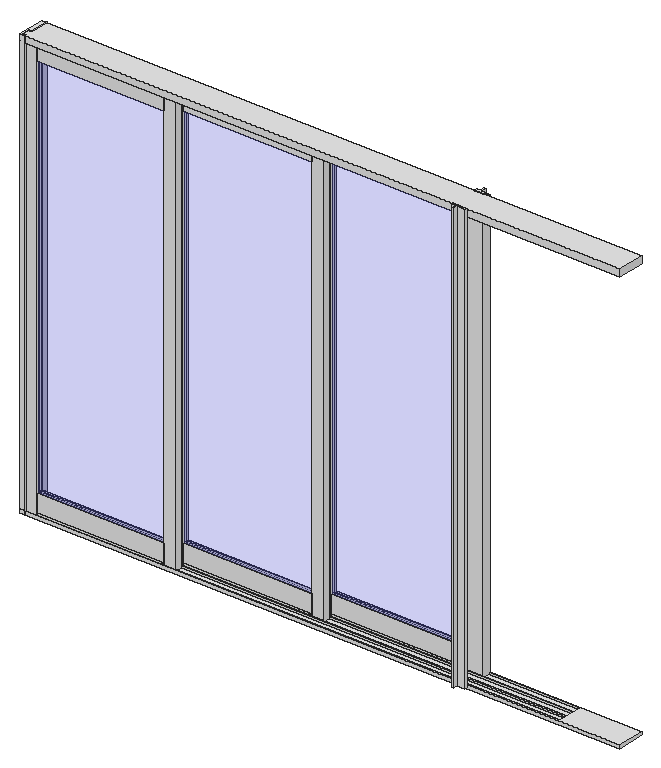
Revit family "Door-Sliding-All_Weather-Series_8100-Pocket", category Doors, host Wall, Revit 2026 (continued)
Definition of nested family "Detail-All_Weather-Series_8100_Footer"
  Lines and regions (in)
    Masking region 4, in view "Ref. Level", visible <- "2 Track", detail levels fine
      outline origin (-0.0092, 0, 0) x (1, 0, 0) y (0, 1, 0)
        loop
          arc (-0.27813, 1.8474) -> (-0.26458, 1.86953) -> (-0.23871, 1.86753) r 0.02485
          line (-0.23871, 1.86753) -> (-0.1987, 1.82752) -> (-0.1424, 1.82752)
          arc (-0.1424, 1.82752) -> (-0.12061, 1.83655) -> (-0.11159, 1.85833) r 0.03081
          line (-0.11159, 1.85833) -> (-0.11159, 2.04022)
          arc (-0.11159, 2.04022) -> (-0.12061, 2.062) -> (-0.1424, 2.07103) r 0.03081
          line (-0.1424, 2.07103) -> (-0.1987, 2.07103) -> (-0.23871, 2.03102)
          arc (-0.23871, 2.03102) -> (-0.26458, 2.02902) -> (-0.27813, 2.05115) r 0.02485
          line (-0.27813, 2.05115) -> (-0.27813, 2.12834) -> (-0.52675, 2.12834)
    Masking region 5, in view "Ref. Level", visible <- "2 Track", detail levels fine
      outline origin (-0.0092, 0, 0) x (1, 0, 0) y (0, 1, 0)
        loop
          line (-0.22135, 2.2299) -> (-0.22135, 2.40314) -> (-0.29872, 2.53225) -> (-0.29872, 2.57578)
          arc (-0.29872, 2.57578) -> (-0.40308, 2.68014) -> (-0.50744, 2.57578) r 0.10436
          line (-0.50744, 2.57578) -> (-0.50744, 2.53225) -> (-0.58472, 2.40314) -> (-0.58472, 2.2299) -> (-0.62137, 2.2299) -> (-0.62137, 2.1592)
          arc (-0.62137, 2.1592) -> (-0.58814, 2.12596) -> (-0.5549, 2.1592) r 0.03323
          line (-0.5549, 2.1592) -> (-0.5549, 2.39229) -> (-0.47763, 2.5214) -> (-0.47763, 2.57578)
          arc (-0.47763, 2.57578) -> (-0.40308, 2.65032) -> (-0.32854, 2.57578) r 0.07454
          line (-0.32854, 2.57578) -> (-0.32854, 2.5214) -> (-0.25127, 2.39229) -> (-0.25127, 2.1592)
          arc (-0.25127, 2.1592) -> (-0.21803, 2.12596) -> (-0.1848, 2.1592) r 0.03323
          line (-0.1848, 2.1592) -> (-0.1848, 2.2299) -> (-0.22135, 2.2299)
    Masking region 6, in view "Ref. Level", visible <- "2 Track", detail levels medium+fine
      outline origin (2.06606, 0, 0) x (1, 0, 0) y (0, 1, 0)
        loop
          line (-0.80264, 2.4338) -> (-0.80264, 2.21514) -> (-0.85234, 2.21514) -> (-0.85234, 2.26245) -> (-0.89209, 2.26245) -> (-0.89209, 2.16942) -> (-0.87419, 2.14386) -> (-0.87419, 2.078)
          arc (-0.87419, 2.078) -> (-0.92298, 2.0687) -> (-0.96494, 2.04212) r 0.13269
          arc (-0.96494, 2.04212) -> (-0.9663, 1.99997) -> (-0.92415, 1.99861) r 0.02982
          arc (-0.92415, 1.99861) -> (-0.8013, 1.94041) -> (-0.93084, 1.89919) r 0.07305
          line (-0.93084, 1.89919) -> (-1.42083, 1.93387) -> (-1.42083, 2.15352) -> (-1.32145, 2.15352) -> (-1.32145, 2.26245) -> (-1.36115, 2.26245) -> (-1.36115, 2.21514) -> (-1.41085, 2.21514) -> (-1.41085, 2.4338) -> (-1.36115, 2.4338) -> (-1.36115, 2.38649) -> (-1.32145, 2.38649) -> (-1.32145, 2.49542) -> (-1.48047, 2.49542) -> (-1.48047, 2.09588) -> (-1.51292, 2.09588) -> (-1.52812, 2.14557) -> (-1.55998, 2.14557) -> (-1.55998, 2.0673)
          arc (-1.55998, 2.0673) -> (-1.55088, 2.04534) -> (-1.52892, 2.03624) r 0.03106
          line (-1.52892, 2.03624) -> (-1.48047, 2.03624) -> (-1.48047, 1.78106) -> (-1.43135, 1.78106) -> (-1.43135, 1.87424) -> (-1.37114, 1.87424) -> (-1.37114, 1.75) -> (-1.29163, 1.75) -> (-1.29163, 1.85498) -> (-0.94735, 1.83061) -> (-0.87419, 1.75) -> (-0.60646, 1.75) -> (-0.60646, 1.85004)
          arc (-0.60646, 1.85004) -> (-0.61686, 1.87036) -> (-0.63943, 1.87378) r 0.02503
          line (-0.63943, 1.87378) -> (-0.68569, 1.82752) -> (-0.74199, 1.82752)
          arc (-0.74199, 1.82752) -> (-0.76378, 1.83655) -> (-0.7728, 1.85833) r 0.03081
          line (-0.7728, 1.85833) -> (-0.7728, 2.04022)
          arc (-0.7728, 2.04022) -> (-0.76378, 2.062) -> (-0.74199, 2.07103) r 0.03081
          line (-0.74199, 2.07103) -> (-0.68569, 2.07103) -> (-0.64568, 2.03102)
          arc (-0.64568, 2.03102) -> (-0.61981, 2.02902) -> (-0.60627, 2.05115) r 0.02485
          line (-0.60627, 2.05115) -> (-0.60627, 2.18197) -> (-0.64593, 2.12532) -> (-0.69871, 2.12532) -> (-0.72313, 2.14973) -> (-0.72313, 2.37497) -> (-0.67417, 2.34069) -> (-0.67417, 2.39707) -> (-0.72311, 2.49542) -> (-0.89209, 2.49542) -> (-0.89209, 2.38649) -> (-0.85234, 2.38649) -> (-0.85234, 2.4338) -> (-0.80264, 2.4338)
        loop
          line (-0.16126, 2.4338) -> (-0.11157, 2.4338) -> (-0.11157, 2.38649) -> (-0.07181, 2.38649) -> (-0.07181, 2.49542) -> (-0.2408, 2.49542) -> (-0.28973, 2.39707) -> (-0.28973, 2.34069) -> (-0.24077, 2.37497) -> (-0.24077, 2.14973) -> (-0.26519, 2.12532) -> (-0.31797, 2.12532) -> (-0.35764, 2.18197) -> (-0.35764, 2.05115)
          arc (-0.35764, 2.05115) -> (-0.34409, 2.02902) -> (-0.31823, 2.03102) r 0.02485
          line (-0.31823, 2.03102) -> (-0.27822, 2.07103) -> (-0.22191, 2.07103)
          arc (-0.22191, 2.07103) -> (-0.20013, 2.062) -> (-0.1911, 2.04022) r 0.03081
          line (-0.1911, 2.04022) -> (-0.1911, 1.85833)
          arc (-0.1911, 1.85833) -> (-0.20013, 1.83655) -> (-0.22191, 1.82752) r 0.03081
          line (-0.22191, 1.82752) -> (-0.27822, 1.82752) -> (-0.32447, 1.87378)
          arc (-0.32447, 1.87378) -> (-0.34704, 1.87036) -> (-0.35745, 1.85004) r 0.02503
          line (-0.35745, 1.85004) -> (-0.35745, 1.75) -> (-0.08971, 1.75) -> (-0.01645, 1.83073) -> (0.33638, 1.86225) -> (0.33638, 1.75) -> (0.41589, 1.75) -> (0.41589, 1.87424) -> (0.46745, 1.87424) -> (0.46745, 1.78106) -> (0.51656, 1.78106) -> (0.51656, 1.93387) -> (0.41589, 1.93387) -> (0.41589, 2.15534) -> (0.47199, 2.15534) -> (0.48422, 2.10564) -> (0.51528, 2.10564) -> (0.51528, 2.49542) -> (0.35754, 2.49542) -> (0.35754, 2.38649) -> (0.39725, 2.38649) -> (0.39725, 2.4338) -> (0.44694, 2.4338) -> (0.44694, 2.21514) -> (0.39725, 2.21514) -> (0.39725, 2.26245) -> (0.35754, 2.26245) -> (0.35754, 1.93399) -> (-0.03315, 1.89908)
          arc (-0.03315, 1.89908) -> (-0.1626, 1.94048) -> (-0.03975, 1.99861) r 0.07305
          arc (-0.03975, 1.99861) -> (0.00239, 1.99997) -> (0.00103, 2.04212) r 0.02982
          arc (0.00103, 2.04212) -> (-0.04092, 2.0687) -> (-0.08971, 2.078) r 0.13269
          line (-0.08971, 2.078) -> (-0.08971, 2.14386) -> (-0.07181, 2.16942) -> (-0.07181, 2.26245) -> (-0.11157, 2.26245) -> (-0.11157, 2.21514) -> (-0.16126, 2.21514) -> (-0.16126, 2.4338)
    Masking region 7, in view "Ref. Level", visible <- "2 Track", detail levels fine
      outline origin (2.06749, 0, 0) x (1, 0, 0) y (0, 1, 0)
        loop
          line (-1.36155, 2.36305) -> (-1.36155, 2.4338) -> (-1.41125, 2.4338) -> (-1.41125, 2.21514) -> (-1.36155, 2.21514) -> (-1.36155, 2.28404) -> (-1.22601, 2.27665) -> (-1.22601, 2.3706) -> (-1.36155, 2.36305)
        loop
          line (0.39458, 2.36305) -> (0.25904, 2.3706) -> (0.25904, 2.27665) -> (0.39458, 2.28404) -> (0.39458, 2.21514) -> (0.44427, 2.21514) -> (0.44427, 2.4338) -> (0.39458, 2.4338) -> (0.39458, 2.36305)
    Masking region 8, in view "Ref. Level", visible <- "2 Track", detail levels fine
      outline origin (2.06606, 0, 0) x (1, 0, 0) y (0, 1, 0)
        loop
          line (-0.60627, 2.12834) -> (-0.60627, 2.05115)
          arc (-0.60627, 2.05115) -> (-0.61981, 2.02902) -> (-0.64568, 2.03102) r 0.02485
          line (-0.64568, 2.03102) -> (-0.68569, 2.07103) -> (-0.74199, 2.07103)
          arc (-0.74199, 2.07103) -> (-0.76378, 2.062) -> (-0.7728, 2.04022) r 0.03081
          line (-0.7728, 2.04022) -> (-0.7728, 1.85833)
          arc (-0.7728, 1.85833) -> (-0.76378, 1.83655) -> (-0.74199, 1.82752) r 0.03081
          line (-0.74199, 1.82752) -> (-0.68569, 1.82752) -> (-0.64568, 1.86753)
          arc (-0.64568, 1.86753) -> (-0.61981, 1.86953) -> (-0.60627, 1.8474) r 0.02485
          line (-0.60627, 1.8474) -> (-0.60627, 1.81581) -> (-0.35764, 1.81581) -> (-0.35764, 1.8474)
          arc (-0.35764, 1.8474) -> (-0.34409, 1.86953) -> (-0.31823, 1.86753) r 0.02485
          line (-0.31823, 1.86753) -> (-0.27822, 1.82752) -> (-0.22191, 1.82752)
          arc (-0.22191, 1.82752) -> (-0.20013, 1.83655) -> (-0.1911, 1.85833) r 0.03081
          line (-0.1911, 1.85833) -> (-0.1911, 2.04022)
          arc (-0.1911, 2.04022) -> (-0.20013, 2.062) -> (-0.22191, 2.07103) r 0.03081
          line (-0.22191, 2.07103) -> (-0.27822, 2.07103) -> (-0.31823, 2.03102)
          arc (-0.31823, 2.03102) -> (-0.34409, 2.02902) -> (-0.35764, 2.05115) r 0.02485
          line (-0.35764, 2.05115) -> (-0.35764, 2.12834) -> (-0.60627, 2.12834)
    Masking region 9, in view "Ref. Level", visible <- "2 Track", detail levels fine
      outline origin (2.06606, 0, 0) x (1, 0, 0) y (0, 1, 0)
        loop
          line (-0.30086, 2.2299) -> (-0.30086, 2.40314) -> (-0.37824, 2.53225) -> (-0.37824, 2.57578)
          arc (-0.37824, 2.57578) -> (-0.4826, 2.68014) -> (-0.58695, 2.57578) r 0.10436
          line (-0.58695, 2.57578) -> (-0.58695, 2.53225) -> (-0.66423, 2.40314) -> (-0.66423, 2.2299) -> (-0.70088, 2.2299) -> (-0.70088, 2.1592)
          arc (-0.70088, 2.1592) -> (-0.66765, 2.12596) -> (-0.63441, 2.1592) r 0.03323
          line (-0.63441, 2.1592) -> (-0.63441, 2.39229) -> (-0.55714, 2.5214) -> (-0.55714, 2.57578)
          arc (-0.55714, 2.57578) -> (-0.4826, 2.65032) -> (-0.40805, 2.57578) r 0.07454
          line (-0.40805, 2.57578) -> (-0.40805, 2.5214) -> (-0.33078, 2.39229) -> (-0.33078, 2.1592)
          arc (-0.33078, 2.1592) -> (-0.29754, 2.12596) -> (-0.26431, 2.1592) r 0.03323
          line (-0.26431, 2.1592) -> (-0.26431, 2.2299) -> (-0.30086, 2.2299)
    Masking region 10, in view "Ref. Level", visible <- "3 Track", detail levels medium+fine
      outline origin (4.06606, 0, 0) x (1, 0, 0) y (0, 1, 0)
        loop
          line (-0.80264, 2.4338) -> (-0.80264, 2.21514) -> (-0.85234, 2.21514) -> (-0.85234, 2.26245) -> (-0.89209, 2.26245) -> (-0.89209, 2.16942) -> (-0.87419, 2.14386) -> (-0.87419, 2.078)
          arc (-0.87419, 2.078) -> (-0.92298, 2.0687) -> (-0.96494, 2.04212) r 0.13269
          arc (-0.96494, 2.04212) -> (-0.9663, 1.99997) -> (-0.92415, 1.99861) r 0.02982
          arc (-0.92415, 1.99861) -> (-0.8013, 1.94041) -> (-0.93084, 1.89919) r 0.07305
          line (-0.93084, 1.89919) -> (-1.42083, 1.93387) -> (-1.42083, 2.15352) -> (-1.32145, 2.15352) -> (-1.32145, 2.26245) -> (-1.36115, 2.26245) -> (-1.36115, 2.21514) -> (-1.41085, 2.21514) -> (-1.41085, 2.4338) -> (-1.36115, 2.4338) -> (-1.36115, 2.38649) -> (-1.32145, 2.38649) -> (-1.32145, 2.49542) -> (-1.48047, 2.49542) -> (-1.48047, 2.09588) -> (-1.51292, 2.09588) -> (-1.52812, 2.14557) -> (-1.55998, 2.14557) -> (-1.55998, 2.0673)
          arc (-1.55998, 2.0673) -> (-1.55088, 2.04534) -> (-1.52892, 2.03624) r 0.03106
          line (-1.52892, 2.03624) -> (-1.48047, 2.03624) -> (-1.48047, 1.78106) -> (-1.43135, 1.78106) -> (-1.43135, 1.87424) -> (-1.37114, 1.87424) -> (-1.37114, 1.75) -> (-1.29163, 1.75) -> (-1.29163, 1.85498) -> (-0.94735, 1.83061) -> (-0.87419, 1.75) -> (-0.60646, 1.75) -> (-0.60646, 1.85004)
          arc (-0.60646, 1.85004) -> (-0.61686, 1.87036) -> (-0.63943, 1.87378) r 0.02503
          line (-0.63943, 1.87378) -> (-0.68569, 1.82752) -> (-0.74199, 1.82752)
          arc (-0.74199, 1.82752) -> (-0.76378, 1.83655) -> (-0.7728, 1.85833) r 0.03081
          line (-0.7728, 1.85833) -> (-0.7728, 2.04022)
          arc (-0.7728, 2.04022) -> (-0.76378, 2.062) -> (-0.74199, 2.07103) r 0.03081
          line (-0.74199, 2.07103) -> (-0.68569, 2.07103) -> (-0.64568, 2.03102)
          arc (-0.64568, 2.03102) -> (-0.61981, 2.02902) -> (-0.60627, 2.05115) r 0.02485
          line (-0.60627, 2.05115) -> (-0.60627, 2.18197) -> (-0.64593, 2.12532) -> (-0.69871, 2.12532) -> (-0.72313, 2.14973) -> (-0.72313, 2.37497) -> (-0.67417, 2.34069) -> (-0.67417, 2.39707) -> (-0.72311, 2.49542) -> (-0.89209, 2.49542) -> (-0.89209, 2.38649) -> (-0.85234, 2.38649) -> (-0.85234, 2.4338) -> (-0.80264, 2.4338)
        loop
          line (-0.16126, 2.4338) -> (-0.11157, 2.4338) -> (-0.11157, 2.38649) -> (-0.07181, 2.38649) -> (-0.07181, 2.49542) -> (-0.2408, 2.49542) -> (-0.28973, 2.39707) -> (-0.28973, 2.34069) -> (-0.24077, 2.37497) -> (-0.24077, 2.14973) -> (-0.26519, 2.12532) -> (-0.31797, 2.12532) -> (-0.35764, 2.18197) -> (-0.35764, 2.05115)
          arc (-0.35764, 2.05115) -> (-0.34409, 2.02902) -> (-0.31823, 2.03102) r 0.02485
          line (-0.31823, 2.03102) -> (-0.27822, 2.07103) -> (-0.22191, 2.07103)
          arc (-0.22191, 2.07103) -> (-0.20013, 2.062) -> (-0.1911, 2.04022) r 0.03081
          line (-0.1911, 2.04022) -> (-0.1911, 1.85833)
          arc (-0.1911, 1.85833) -> (-0.20013, 1.83655) -> (-0.22191, 1.82752) r 0.03081
          line (-0.22191, 1.82752) -> (-0.27822, 1.82752) -> (-0.32447, 1.87378)
          arc (-0.32447, 1.87378) -> (-0.34704, 1.87036) -> (-0.35745, 1.85004) r 0.02503
          line (-0.35745, 1.85004) -> (-0.35745, 1.75) -> (-0.08971, 1.75) -> (-0.01645, 1.83073) -> (0.33638, 1.86225) -> (0.33638, 1.75) -> (0.41589, 1.75) -> (0.41589, 1.87424) -> (0.46745, 1.87424) -> (0.46745, 1.78106) -> (0.51656, 1.78106) -> (0.51656, 1.93387) -> (0.41589, 1.93387) -> (0.41589, 2.15534) -> (0.47199, 2.15534) -> (0.48422, 2.10564) -> (0.51528, 2.10564) -> (0.51528, 2.49542) -> (0.35754, 2.49542) -> (0.35754, 2.38649) -> (0.39725, 2.38649) -> (0.39725, 2.4338) -> (0.44694, 2.4338) -> (0.44694, 2.21514) -> (0.39725, 2.21514) -> (0.39725, 2.26245) -> (0.35754, 2.26245) -> (0.35754, 1.93399) -> (-0.03315, 1.89908)
          arc (-0.03315, 1.89908) -> (-0.1626, 1.94048) -> (-0.03975, 1.99861) r 0.07305
          arc (-0.03975, 1.99861) -> (0.00239, 1.99997) -> (0.00103, 2.04212) r 0.02982
          arc (0.00103, 2.04212) -> (-0.04092, 2.0687) -> (-0.08971, 2.078) r 0.13269
          line (-0.08971, 2.078) -> (-0.08971, 2.14386) -> (-0.07181, 2.16942) -> (-0.07181, 2.26245) -> (-0.11157, 2.26245) -> (-0.11157, 2.21514) -> (-0.16126, 2.21514) -> (-0.16126, 2.4338)
    Masking region 11, in view "Ref. Level", visible <- "3 Track", detail levels fine
      outline origin (4.06749, 0, 0) x (1, 0, 0) y (0, 1, 0)
        loop
          line (-1.36155, 2.36305) -> (-1.36155, 2.4338) -> (-1.41125, 2.4338) -> (-1.41125, 2.21514) -> (-1.36155, 2.21514) -> (-1.36155, 2.28404) -> (-1.22601, 2.27665) -> (-1.22601, 2.3706) -> (-1.36155, 2.36305)
        loop
          line (0.39458, 2.36305) -> (0.25904, 2.3706) -> (0.25904, 2.27665) -> (0.39458, 2.28404) -> (0.39458, 2.21514) -> (0.44427, 2.21514) -> (0.44427, 2.4338) -> (0.39458, 2.4338) -> (0.39458, 2.36305)
    Masking region 12, in view "Ref. Level", visible <- "3 Track", detail levels fine
      outline origin (4.06606, 0, 0) x (1, 0, 0) y (0, 1, 0)
        loop
          line (-0.60627, 2.12834) -> (-0.60627, 2.05115)
          arc (-0.60627, 2.05115) -> (-0.61981, 2.02902) -> (-0.64568, 2.03102) r 0.02485
          line (-0.64568, 2.03102) -> (-0.68569, 2.07103) -> (-0.74199, 2.07103)
          arc (-0.74199, 2.07103) -> (-0.76378, 2.062) -> (-0.7728, 2.04022) r 0.03081
          line (-0.7728, 2.04022) -> (-0.7728, 1.85833)
          arc (-0.7728, 1.85833) -> (-0.76378, 1.83655) -> (-0.74199, 1.82752) r 0.03081
          line (-0.74199, 1.82752) -> (-0.68569, 1.82752) -> (-0.64568, 1.86753)
          arc (-0.64568, 1.86753) -> (-0.61981, 1.86953) -> (-0.60627, 1.8474) r 0.02485
          line (-0.60627, 1.8474) -> (-0.60627, 1.81581) -> (-0.35764, 1.81581) -> (-0.35764, 1.8474)
          arc (-0.35764, 1.8474) -> (-0.34409, 1.86953) -> (-0.31823, 1.86753) r 0.02485
          line (-0.31823, 1.86753) -> (-0.27822, 1.82752) -> (-0.22191, 1.82752)
          arc (-0.22191, 1.82752) -> (-0.20013, 1.83655) -> (-0.1911, 1.85833) r 0.03081
          line (-0.1911, 1.85833) -> (-0.1911, 2.04022)
          arc (-0.1911, 2.04022) -> (-0.20013, 2.062) -> (-0.22191, 2.07103) r 0.03081
          line (-0.22191, 2.07103) -> (-0.27822, 2.07103) -> (-0.31823, 2.03102)
          arc (-0.31823, 2.03102) -> (-0.34409, 2.02902) -> (-0.35764, 2.05115) r 0.02485
          line (-0.35764, 2.05115) -> (-0.35764, 2.12834) -> (-0.60627, 2.12834)
    Masking region 13, in view "Ref. Level", visible <- "3 Track", detail levels fine
      outline origin (4.06606, 0, 0) x (1, 0, 0) y (0, 1, 0)
        loop
          line (-0.30086, 2.2299) -> (-0.30086, 2.40314) -> (-0.37824, 2.53225) -> (-0.37824, 2.57578)
          arc (-0.37824, 2.57578) -> (-0.4826, 2.68014) -> (-0.58695, 2.57578) r 0.10436
          line (-0.58695, 2.57578) -> (-0.58695, 2.53225) -> (-0.66423, 2.40314) -> (-0.66423, 2.2299) -> (-0.70088, 2.2299) -> (-0.70088, 2.1592)
          arc (-0.70088, 2.1592) -> (-0.66765, 2.12596) -> (-0.63441, 2.1592) r 0.03323
          line (-0.63441, 2.1592) -> (-0.63441, 2.39229) -> (-0.55714, 2.5214) -> (-0.55714, 2.57578)
          arc (-0.55714, 2.57578) -> (-0.4826, 2.65032) -> (-0.40805, 2.57578) r 0.07454
          line (-0.40805, 2.57578) -> (-0.40805, 2.5214) -> (-0.33078, 2.39229) -> (-0.33078, 2.1592)
          arc (-0.33078, 2.1592) -> (-0.29754, 2.12596) -> (-0.26431, 2.1592) r 0.03323
          line (-0.26431, 2.1592) -> (-0.26431, 2.2299) -> (-0.30086, 2.2299)
    Masking region 14, in view "Ref. Level", visible <- "4 Track", detail levels medium+fine
      outline origin (6.06606, 0, 0) x (1, 0, 0) y (0, 1, 0)
        loop
          line (-0.80264, 2.4338) -> (-0.80264, 2.21514) -> (-0.85234, 2.21514) -> (-0.85234, 2.26245) -> (-0.89209, 2.26245) -> (-0.89209, 2.16942) -> (-0.87419, 2.14386) -> (-0.87419, 2.078)
          arc (-0.87419, 2.078) -> (-0.92298, 2.0687) -> (-0.96494, 2.04212) r 0.13269
          arc (-0.96494, 2.04212) -> (-0.9663, 1.99997) -> (-0.92415, 1.99861) r 0.02982
          arc (-0.92415, 1.99861) -> (-0.8013, 1.94041) -> (-0.93084, 1.89919) r 0.07305
          line (-0.93084, 1.89919) -> (-1.42083, 1.93387) -> (-1.42083, 2.15352) -> (-1.32145, 2.15352) -> (-1.32145, 2.26245) -> (-1.36115, 2.26245) -> (-1.36115, 2.21514) -> (-1.41085, 2.21514) -> (-1.41085, 2.4338) -> (-1.36115, 2.4338) -> (-1.36115, 2.38649) -> (-1.32145, 2.38649) -> (-1.32145, 2.49542) -> (-1.48047, 2.49542) -> (-1.48047, 2.09588) -> (-1.51292, 2.09588) -> (-1.52812, 2.14557) -> (-1.55998, 2.14557) -> (-1.55998, 2.0673)
          arc (-1.55998, 2.0673) -> (-1.55088, 2.04534) -> (-1.52892, 2.03624) r 0.03106
          line (-1.52892, 2.03624) -> (-1.48047, 2.03624) -> (-1.48047, 1.78106) -> (-1.43135, 1.78106) -> (-1.43135, 1.87424) -> (-1.37114, 1.87424) -> (-1.37114, 1.75) -> (-1.29163, 1.75) -> (-1.29163, 1.85498) -> (-0.94735, 1.83061) -> (-0.87419, 1.75) -> (-0.60646, 1.75) -> (-0.60646, 1.85004)
          arc (-0.60646, 1.85004) -> (-0.61686, 1.87036) -> (-0.63943, 1.87378) r 0.02503
          line (-0.63943, 1.87378) -> (-0.68569, 1.82752) -> (-0.74199, 1.82752)
          arc (-0.74199, 1.82752) -> (-0.76378, 1.83655) -> (-0.7728, 1.85833) r 0.03081
          line (-0.7728, 1.85833) -> (-0.7728, 2.04022)
          arc (-0.7728, 2.04022) -> (-0.76378, 2.062) -> (-0.74199, 2.07103) r 0.03081
          line (-0.74199, 2.07103) -> (-0.68569, 2.07103) -> (-0.64568, 2.03102)
          arc (-0.64568, 2.03102) -> (-0.61981, 2.02902) -> (-0.60627, 2.05115) r 0.02485
          line (-0.60627, 2.05115) -> (-0.60627, 2.18197) -> (-0.64593, 2.12532) -> (-0.69871, 2.12532) -> (-0.72313, 2.14973) -> (-0.72313, 2.37497) -> (-0.67417, 2.34069) -> (-0.67417, 2.39707) -> (-0.72311, 2.49542) -> (-0.89209, 2.49542) -> (-0.89209, 2.38649) -> (-0.85234, 2.38649) -> (-0.85234, 2.4338) -> (-0.80264, 2.4338)
        loop
          line (-0.16126, 2.4338) -> (-0.11157, 2.4338) -> (-0.11157, 2.38649) -> (-0.07181, 2.38649) -> (-0.07181, 2.49542) -> (-0.2408, 2.49542) -> (-0.28973, 2.39707) -> (-0.28973, 2.34069) -> (-0.24077, 2.37497) -> (-0.24077, 2.14973) -> (-0.26519, 2.12532) -> (-0.31797, 2.12532) -> (-0.35764, 2.18197) -> (-0.35764, 2.05115)
          arc (-0.35764, 2.05115) -> (-0.34409, 2.02902) -> (-0.31823, 2.03102) r 0.02485
          line (-0.31823, 2.03102) -> (-0.27822, 2.07103) -> (-0.22191, 2.07103)
          arc (-0.22191, 2.07103) -> (-0.20013, 2.062) -> (-0.1911, 2.04022) r 0.03081
          line (-0.1911, 2.04022) -> (-0.1911, 1.85833)
          arc (-0.1911, 1.85833) -> (-0.20013, 1.83655) -> (-0.22191, 1.82752) r 0.03081
          line (-0.22191, 1.82752) -> (-0.27822, 1.82752) -> (-0.32447, 1.87378)
          arc (-0.32447, 1.87378) -> (-0.34704, 1.87036) -> (-0.35745, 1.85004) r 0.02503
          line (-0.35745, 1.85004) -> (-0.35745, 1.75) -> (-0.08971, 1.75) -> (-0.01645, 1.83073) -> (0.33638, 1.86225) -> (0.33638, 1.75) -> (0.41589, 1.75) -> (0.41589, 1.87424) -> (0.46745, 1.87424) -> (0.46745, 1.78106) -> (0.51656, 1.78106) -> (0.51656, 1.93387) -> (0.41589, 1.93387) -> (0.41589, 2.15534) -> (0.47199, 2.15534) -> (0.48422, 2.10564) -> (0.51528, 2.10564) -> (0.51528, 2.49542) -> (0.35754, 2.49542) -> (0.35754, 2.38649) -> (0.39725, 2.38649) -> (0.39725, 2.4338) -> (0.44694, 2.4338) -> (0.44694, 2.21514) -> (0.39725, 2.21514) -> (0.39725, 2.26245) -> (0.35754, 2.26245) -> (0.35754, 1.93399) -> (-0.03315, 1.89908)
          arc (-0.03315, 1.89908) -> (-0.1626, 1.94048) -> (-0.03975, 1.99861) r 0.07305
          arc (-0.03975, 1.99861) -> (0.00239, 1.99997) -> (0.00103, 2.04212) r 0.02982
          arc (0.00103, 2.04212) -> (-0.04092, 2.0687) -> (-0.08971, 2.078) r 0.13269
          line (-0.08971, 2.078) -> (-0.08971, 2.14386) -> (-0.07181, 2.16942) -> (-0.07181, 2.26245) -> (-0.11157, 2.26245) -> (-0.11157, 2.21514) -> (-0.16126, 2.21514) -> (-0.16126, 2.4338)
    Masking region 15, in view "Ref. Level", visible <- "4 Track", detail levels fine
      outline origin (6.06749, 0, 0) x (1, 0, 0) y (0, 1, 0)
        loop
          line (-1.36155, 2.36305) -> (-1.36155, 2.4338) -> (-1.41125, 2.4338) -> (-1.41125, 2.21514) -> (-1.36155, 2.21514) -> (-1.36155, 2.28404) -> (-1.22601, 2.27665) -> (-1.22601, 2.3706) -> (-1.36155, 2.36305)
        loop
          line (0.39458, 2.36305) -> (0.25904, 2.3706) -> (0.25904, 2.27665) -> (0.39458, 2.28404) -> (0.39458, 2.21514) -> (0.44427, 2.21514) -> (0.44427, 2.4338) -> (0.39458, 2.4338) -> (0.39458, 2.36305)
    Masking region 16, in view "Ref. Level", visible <- "4 Track", detail levels fine
      outline origin (6.06606, 0, 0) x (1, 0, 0) y (0, 1, 0)
        loop
          line (-0.60627, 2.12834) -> (-0.60627, 2.05115)
          arc (-0.60627, 2.05115) -> (-0.61981, 2.02902) -> (-0.64568, 2.03102) r 0.02485
          line (-0.64568, 2.03102) -> (-0.68569, 2.07103) -> (-0.74199, 2.07103)
          arc (-0.74199, 2.07103) -> (-0.76378, 2.062) -> (-0.7728, 2.04022) r 0.03081
          line (-0.7728, 2.04022) -> (-0.7728, 1.85833)
          arc (-0.7728, 1.85833) -> (-0.76378, 1.83655) -> (-0.74199, 1.82752) r 0.03081
          line (-0.74199, 1.82752) -> (-0.68569, 1.82752) -> (-0.64568, 1.86753)
          arc (-0.64568, 1.86753) -> (-0.61981, 1.86953) -> (-0.60627, 1.8474) r 0.02485
          line (-0.60627, 1.8474) -> (-0.60627, 1.81581) -> (-0.35764, 1.81581) -> (-0.35764, 1.8474)
          arc (-0.35764, 1.8474) -> (-0.34409, 1.86953) -> (-0.31823, 1.86753) r 0.02485
          line (-0.31823, 1.86753) -> (-0.27822, 1.82752) -> (-0.22191, 1.82752)
          arc (-0.22191, 1.82752) -> (-0.20013, 1.83655) -> (-0.1911, 1.85833) r 0.03081
          line (-0.1911, 1.85833) -> (-0.1911, 2.04022)
          arc (-0.1911, 2.04022) -> (-0.20013, 2.062) -> (-0.22191, 2.07103) r 0.03081
          line (-0.22191, 2.07103) -> (-0.27822, 2.07103) -> (-0.31823, 2.03102)
          arc (-0.31823, 2.03102) -> (-0.34409, 2.02902) -> (-0.35764, 2.05115) r 0.02485
          line (-0.35764, 2.05115) -> (-0.35764, 2.12834) -> (-0.60627, 2.12834)
    Masking region 17, in view "Ref. Level", visible <- "4 Track", detail levels fine
      outline origin (6.06606, 0, 0) x (1, 0, 0) y (0, 1, 0)
        loop
          line (-0.30086, 2.2299) -> (-0.30086, 2.40314) -> (-0.37824, 2.53225) -> (-0.37824, 2.57578)
          arc (-0.37824, 2.57578) -> (-0.4826, 2.68014) -> (-0.58695, 2.57578) r 0.10436
          line (-0.58695, 2.57578) -> (-0.58695, 2.53225) -> (-0.66423, 2.40314) -> (-0.66423, 2.2299) -> (-0.70088, 2.2299) -> (-0.70088, 2.1592)
          arc (-0.70088, 2.1592) -> (-0.66765, 2.12596) -> (-0.63441, 2.1592) r 0.03323
          line (-0.63441, 2.1592) -> (-0.63441, 2.39229) -> (-0.55714, 2.5214) -> (-0.55714, 2.57578)
          arc (-0.55714, 2.57578) -> (-0.4826, 2.65032) -> (-0.40805, 2.57578) r 0.07454
          line (-0.40805, 2.57578) -> (-0.40805, 2.5214) -> (-0.33078, 2.39229) -> (-0.33078, 2.1592)
          arc (-0.33078, 2.1592) -> (-0.29754, 2.12596) -> (-0.26431, 2.1592) r 0.03323
          line (-0.26431, 2.1592) -> (-0.26431, 2.2299) -> (-0.30086, 2.2299)
  Dimensions and locks (in)
    "Height": plane 3 "Top" to plane 1 "Center (Front/Back)"
    "Thickness": plane 4 "Front" to plane 5
    plane 4 "Front" to Masking region 3 sketch curve to Masking region 3 sketch curve to Masking region 3 sketch curve to Masking region 3 sketch curve to Masking region 3 sketch curve to Masking region 3 sketch curve to Masking region 3 sketch curve to Masking region 3 sketch curve = 0' - 0.07847" locked, 0' - 0.04969" locked, 0' - 0" locked, 0' - 0.13554" locked, 0' - 1.48505" locked, 0' - 0.13554" locked, 0' - 0" locked, 0' - 0.04969" locked
    plane 3 "Top" to Masking region 3 sketch curve to Masking region 3 sketch curve to Masking region 3 sketch curve to Masking region 3 sketch curve to Masking region 3 sketch curve to Masking region 3 sketch curve to Masking region 3 sketch curve to Masking region 3 sketch curve to Masking region 3 sketch curve to Masking region 3 sketch curve to Masking region 3 sketch curve to Masking region 3 sketch curve = 0' - 0.0662" locked, 0' - 0" locked, 0' - 0.06321" locked, 0' - 0" locked, 0' - 0.00755" locked, 0' - 0" locked, 0' - 0.07901" locked, 0' - 0" locked, 0' - 0.00739" locked, 0' - 0" locked, 0' - 0.06151" locked, 0' - 0" locked
    locked: plane 6 to plane 5 at 1
    Masking region 1 sketch curve to Masking region 1 sketch curve to Masking region 1 sketch curve to plane 4 "Front" to Masking region 1 sketch curve to Masking region 1 sketch curve to Masking region 1 sketch curve to Masking region 1 sketch curve to Masking region 1 sketch curve to Masking region 1 sketch curve to Masking region 1 sketch curve to Masking region 1 sketch curve to Masking region 1 sketch curve to Masking region 1 sketch curve to Masking region 1 sketch curve to Masking region 1 sketch curve to Masking region 1 sketch curve to Masking region 1 sketch curve to Masking region 1 sketch curve to Masking region 1 sketch curve to Masking region 1 sketch curve to Masking region 1 sketch curve to Masking region 1 sketch curve to Masking region 1 sketch curve to Masking region 1 sketch curve to Masking region 1 sketch curve to Masking region 1 sketch curve to Masking region 1 sketch curve to Masking region 1 sketch curve to Masking region 1 sketch curve to Masking region 1 sketch curve to Masking region 1 sketch curve to Masking region 1 sketch curve to Masking region 1 sketch curve to Masking region 1 sketch curve to Masking region 1 sketch curve to Masking region 1 sketch curve to Masking region 1 sketch curve to Masking region 1 sketch curve to Masking region 1 sketch curve to Masking region 1 sketch curve to Masking region 1 sketch curve to Masking region 1 sketch curve to Masking region 1 sketch curve to Masking region 1 sketch curve to Masking region 1 sketch curve to Masking region 1 sketch curve to Masking region 1 sketch curve to Masking region 1 sketch curve to Masking region 1 sketch curve to Masking region 1 sketch curve to Masking region 1 sketch curve to Masking region 1 sketch curve to Masking region 1 sketch curve to Masking region 1 sketch curve to Masking region 1 sketch curve to Masking region 1 sketch curve to Masking region 1 sketch curve to Masking region 1 sketch curve to Masking region 1 sketch curve to Masking region 1 sketch curve to Masking region 1 sketch curve to Masking region 1 sketch curve to Masking region 1 sketch curve to Masking region 1 sketch curve to Masking region 1 sketch curve to Masking region 1 sketch curve to Masking region 1 sketch curve to Masking region 1 sketch curve to Masking region 1 sketch curve to Masking region 1 sketch curve to Masking region 1 sketch curve to Masking region 1 sketch curve to Masking region 1 sketch curve to Masking region 1 sketch curve to Masking region 1 sketch curve to Masking region 1 sketch curve to Masking region 1 sketch curve = 0' - 0.03106" locked, 0' - 0.016" locked, 0' - 0.02464", 0' - 0 1/128", 0' - 0" locked, 0' - 0.04912", 0' - 0.01052" locked, 0' - 0.00999" locked, 0' - 0.03971" locked, 0' - 0.00999" locked, 0' - 0" locked, 0' - 0.03971" locked, 0' - 0" locked, 0' - 0.02982" locked, 0' - 0.31727" locked, 0' - 0.02701" locked, 0' - 0.01651" locked, 0' - 0.03874" locked, 0' - 0" locked, 0' - 0.0179" locked, 0' - 0" locked, 0' - 0.02185" locked, 0' - 0" locked, 0' - 0.04969" locked, 0' - 0.0015" locked, 0' - 0.02834" locked, 0' - 0.03081" locked, 0' - 0" locked, 0' - 0.01886" locked, 0' - 0.00002" locked, 0' - 0.02439" locked, 0' - 0.01303" locked, 0' - 0" locked, 0' - 0.01152" locked, 0' - 0.02823" locked, 0' - 0.00026" locked, 0' - 0.00625" locked, 0' - 0.03297" locked, 0' - 0.00019" locked, 0' - 0.24863" locked, 0' - 0.00019" locked, 0' - 0.03297" locked, 0' - 0.00625" locked, 0' - 0.00026" locked, 0' - 0.02823" locked, 0' - 0.01152" locked, 0' - 0" locked, 0' - 0.01303" locked, 0' - 0.02439" locked, 0' - 0.00002" locked, 0' - 0.01886" locked, 0' - 0" locked, 0' - 0.03081" locked, 0' - 0.02834" locked, 0' - 0.0015" locked, 0' - 0.04969" locked, 0' - 0" locked, 0' - 0.02185" locked, 0' - 0" locked, 0' - 0.0179" locked, 0' - 0" locked, 0' - 0.03206" locked, 0' - 0.02331" locked, 0' - 0.01748" locked, 0' - 0.33534" locked, 0' - 0.02116" locked, 0' - 0" locked, 0' - 0.03971" locked, 0' - 0" locked, 0' - 0.01864" locked, 0' - 0" locked, 0' - 0.03106" locked, 0' - 0.0205" locked, 0' - 0.00454" locked, 0' - 0.01223" locked, 0' - 0.03106" locked, 0' - 0.00129" locked
    plane 1 "Center (Front/Back)" to Masking region 1 sketch curve to Masking region 1 sketch curve to Masking region 1 sketch curve to Masking region 1 sketch curve to Masking region 1 sketch curve to Masking region 1 sketch curve to Masking region 1 sketch curve to Masking region 1 sketch curve to Masking region 1 sketch curve to Masking region 1 sketch curve to Masking region 1 sketch curve to Masking region 1 sketch curve to Masking region 1 sketch curve to Masking region 1 sketch curve to Masking region 1 sketch curve to Masking region 1 sketch curve to Masking region 1 sketch curve to Masking region 1 sketch curve to Masking region 1 sketch curve to Masking region 1 sketch curve to Masking region 1 sketch curve to Masking region 1 sketch curve to Masking region 1 sketch curve to Masking region 1 sketch curve to Masking region 1 sketch curve to Masking region 1 sketch curve to Masking region 1 sketch curve to Masking region 1 sketch curve to Masking region 1 sketch curve to Masking region 1 sketch curve to Masking region 1 sketch curve to Masking region 1 sketch curve to Masking region 1 sketch curve to Masking region 1 sketch curve to Masking region 1 sketch curve to Masking region 1 sketch curve to Masking region 1 sketch curve to Masking region 1 sketch curve to Masking region 1 sketch curve to Masking region 1 sketch curve to Masking region 1 sketch curve to Masking region 1 sketch curve to Masking region 1 sketch curve to Masking region 1 sketch curve to Masking region 1 sketch curve to Masking region 1 sketch curve to Masking region 1 sketch curve to Masking region 1 sketch curve to Masking region 1 sketch curve to Masking region 1 sketch curve to Masking region 1 sketch curve to Masking region 1 sketch curve to Masking region 1 sketch curve to Masking region 1 sketch curve to Masking region 1 sketch curve to Masking region 1 sketch curve to Masking region 1 sketch curve to Masking region 1 sketch curve to Masking region 1 sketch curve to Masking region 1 sketch curve to Masking region 1 sketch curve to Masking region 1 sketch curve to Masking region 1 sketch curve to Masking region 1 sketch curve to Masking region 1 sketch curve to Masking region 1 sketch curve to Masking region 1 sketch curve to Masking region 1 sketch curve to Masking region 1 sketch curve to Masking region 1 sketch curve to Masking region 1 sketch curve to Masking region 1 sketch curve to Masking region 1 sketch curve to Masking region 1 sketch curve to Masking region 1 sketch curve to Masking region 1 sketch curve to Masking region 1 sketch curve to Masking region 1 sketch curve to Masking region 1 sketch curve to Masking region 1 sketch curve to Masking region 1 sketch curve to Masking region 1 sketch curve to Masking region 1 sketch curve = 0' - 0" locked, 0' - 0" locked, 0' - 0" locked, 0' - 0" locked, 0' - 0.03106" locked, 0' - 0" locked, 0' - 0.04646" locked, 0' - 0" locked, 0' - 0.00309" locked, 0' - 0.00012" locked, 0' - 0.01931" locked, 0' - 0" locked, 0' - 0.00494" locked, 0' - 0.00336" locked, 0' - 0" locked, 0' - 0 1/256" locked, 0' - 0.01154" locked, 0' - 0" locked, 0' - 0.00046" locked, 0' - 0" locked, 0' - 0.02485" locked, 0' - 0.0001" locked, 0' - 0.03468" locked, 0' - 0" locked, 0' - 0.00011" locked, 0' - 0.06462" locked, 0' - 0" locked, 0' - 0.03241" locked, 0' - 0" locked, 0' - 0.00522" locked, 0' - 0.00398" locked, 0' - 0" locked, 0' - 0.0019" locked, 0' - 0" locked, 0' - 0.00903" locked, 0' - 0" locked, 0' - 0.01615" locked, 0' - 0.00373" locked, 0' - 0" locked, 0' - 0" locked, 0' - 0.00697" locked, 0' - 0" locked, 0' - 0.01788" locked, 0' - 0.00977" locked, 0' - 0.01967" locked, 0' - 0" locked, 0' - 0.01854" locked, 0' - 0" locked, 0' - 0.00171" locked, 0' - 0.00416" locked, 0' - 0" locked, 0' - 0.00379" locked, 0' - 0.00181" locked, 0' - 0.01409" locked, 0' - 0" locked, 0' - 0.01254" locked, 0' - 0" locked, 0' - 0.03318" locked, 0' - 0" locked, 0' - 0" locked, 0' - 0" locked, 0' - 0.04731" locked, 0' - 0" locked, 0' - 0" locked, 0' - 0" locked, 0' - 0.07824" locked, 0' - 0" locked, 0' - 0.03428" locked, 0' - 0" locked, 0' - 0.01152" locked, 0' - 0" locked, 0' - 0" locked, 0' - 0" locked, 0' - 0.01058" locked, 0' - 0" locked, 0' - 0.03673" locked, 0' - 0" locked, 0' - 0" locked, 0' - 0" locked, 0' - 0.06162" locked, 0' - 0" locked, 0' - 0" locked, 0' - 0" locked
    plane 4 "Front" to Masking region 5 sketch curve to Masking region 5 sketch curve to Masking region 5 sketch curve to Masking region 5 sketch curve to Masking region 5 sketch curve to Masking region 5 sketch curve to Masking region 5 sketch curve to Masking region 5 sketch curve to Masking region 5 sketch curve to Masking region 5 sketch curve = 0' - 0.7874" locked, 0' - 0.03665" locked, 0' - 0.02982" locked, 0' - 0.04746" locked, 0' - 0.02982" locked, 0' - 0.14908" locked, 0' - 0.02982" locked, 0' - 0.04746" locked, 0' - 0.02992" locked, 0' - 0.03655" locked
    Masking region 5 sketch curve to Masking region 5 sketch curve to Masking region 5 sketch curve to Masking region 5 sketch curve to Masking region 5 sketch curve to Masking region 5 sketch curve to plane 3 "Top" to Masking region 5 sketch curve to Masking region 5 sketch curve to Masking region 5 sketch curve to Masking region 5 sketch curve to Masking region 5 sketch curve to Masking region 5 sketch curve to Masking region 5 sketch curve to Masking region 5 sketch curve = 0' - 0.02982" locked, 0' - 0.11807" locked, 0' - 0" locked, 0' - 0.01085" locked, 0' - 0" locked, 0' - 0.0214" locked, 0' - 0.09686" locked, 0' - 0" locked, 0' - 0.01085" locked, 0' - 0" locked, 0' - 0.16238" locked, 0' - 0" locked, 0' - 0.10394" locked, 0' - 0" locked
    plane 3 "Top" to Masking region 4 sketch curve to Masking region 4 sketch curve to Masking region 4 sketch curve to Masking region 4 sketch curve to Masking region 4 sketch curve to Masking region 4 sketch curve to Masking region 4 sketch curve to Masking region 4 sketch curve to Masking region 4 sketch curve to Masking region 4 sketch curve to Masking region 4 sketch curve to Masking region 4 sketch curve to Masking region 4 sketch curve to Masking region 4 sketch curve = 0' - 0.37166" locked, 0' - 0.05731" locked, 0' - 0" locked, 0' - 0.03081" locked, 0' - 0" locked, 0' - 0.01391" locked, 0' - 0" locked, 0' - 0.15405" locked, 0' - 0" locked, 0' - 0.01391" locked, 0' - 0" locked, 0' - 0.03081" locked, 0' - 0" locked, 0' - 0 3/256" locked
    plane 4 "Front" to Masking region 4 sketch curve to Masking region 4 sketch curve to Masking region 4 sketch curve to Masking region 4 sketch curve to Masking region 4 sketch curve to Masking region 4 sketch curve to Masking region 4 sketch curve to Masking region 4 sketch curve to Masking region 4 sketch curve to Masking region 4 sketch curve to Masking region 4 sketch curve to Masking region 4 sketch curve to Masking region 4 sketch curve to Masking region 4 sketch curve to Masking region 4 sketch curve to Masking region 4 sketch curve to Masking region 4 sketch curve to Masking region 4 sketch curve = 0' - 0.71548" locked, 0' - 0.03081" locked, 0' - 0" locked, 0' - 0.0563" locked, 0' - 0" locked, 0' - 0.04001" locked, 0' - 0" locked, 0' - 0.03941" locked, 0' - 0" locked, 0' - 0.24863" locked, 0' - 0" locked, 0' - 0.03941" locked, 0' - 0" locked, 0' - 0.04001" locked, 0' - 0" locked, 0' - 0.0563" locked, 0' - 0" locked, 0' - 0.03081" locked
    plane 7 to Masking region 7 sketch curve to Masking region 7 sketch curve to Masking region 7 sketch curve to Masking region 7 sketch curve to Masking region 7 sketch curve to Masking region 7 sketch curve to Masking region 7 sketch curve to Masking region 7 sketch curve = 0' - 0.07847" locked, 0' - 0.04969" locked, 0' - 0" locked, 0' - 0.13554" locked, 0' - 1.48505" locked, 0' - 0.13554" locked, 0' - 0" locked, 0' - 0.04969" locked
    plane 3 "Top" to Masking region 7 sketch curve to Masking region 7 sketch curve to Masking region 7 sketch curve to Masking region 7 sketch curve to Masking region 7 sketch curve to Masking region 7 sketch curve to Masking region 7 sketch curve to Masking region 7 sketch curve to Masking region 7 sketch curve to Masking region 7 sketch curve to Masking region 7 sketch curve to Masking region 7 sketch curve = 0' - 0.0662" locked, 0' - 0" locked, 0' - 0.06321" locked, 0' - 0" locked, 0' - 0.00755" locked, 0' - 0" locked, 0' - 0.07901" locked, 0' - 0" locked, 0' - 0.00739" locked, 0' - 0" locked, 0' - 0.06151" locked, 0' - 0" locked
    Masking region 6 sketch curve to Masking region 6 sketch curve to Masking region 6 sketch curve to plane 7 to Masking region 6 sketch curve to Masking region 6 sketch curve to Masking region 6 sketch curve to Masking region 6 sketch curve to Masking region 6 sketch curve to Masking region 6 sketch curve to Masking region 6 sketch curve to Masking region 6 sketch curve to Masking region 6 sketch curve to Masking region 6 sketch curve to Masking region 6 sketch curve to Masking region 6 sketch curve to Masking region 6 sketch curve to Masking region 6 sketch curve to Masking region 6 sketch curve to Masking region 6 sketch curve to Masking region 6 sketch curve to Masking region 6 sketch curve to Masking region 6 sketch curve to Masking region 6 sketch curve to Masking region 6 sketch curve to Masking region 6 sketch curve to Masking region 6 sketch curve to Masking region 6 sketch curve to Masking region 6 sketch curve to Masking region 6 sketch curve to Masking region 6 sketch curve to Masking region 6 sketch curve to Masking region 6 sketch curve to Masking region 6 sketch curve to Masking region 6 sketch curve to Masking region 6 sketch curve to Masking region 6 sketch curve to Masking region 6 sketch curve to Masking region 6 sketch curve to Masking region 6 sketch curve to Masking region 6 sketch curve to Masking region 6 sketch curve to Masking region 6 sketch curve to Masking region 6 sketch curve to Masking region 6 sketch curve to Masking region 6 sketch curve to Masking region 6 sketch curve to Masking region 6 sketch curve to Masking region 6 sketch curve to Masking region 6 sketch curve to Masking region 6 sketch curve to Masking region 6 sketch curve to Masking region 6 sketch curve to Masking region 6 sketch curve to Masking region 6 sketch curve to Masking region 6 sketch curve to Masking region 6 sketch curve to Masking region 6 sketch curve to Masking region 6 sketch curve to Masking region 6 sketch curve to Masking region 6 sketch curve to Masking region 6 sketch curve to Masking region 6 sketch curve to Masking region 6 sketch curve to Masking region 6 sketch curve to Masking region 6 sketch curve to Masking region 6 sketch curve to Masking region 6 sketch curve to Masking region 6 sketch curve to Masking region 6 sketch curve to Masking region 6 sketch curve to Masking region 6 sketch curve to Masking region 6 sketch curve to Masking region 6 sketch curve to Masking region 6 sketch curve to Masking region 6 sketch curve to Masking region 6 sketch curve to Masking region 6 sketch curve = 0' - 0.03106" locked, 0' - 0.016" locked, 0' - 0.02464" locked, 0' - 0 1/128" locked, 0' - 0" locked, 0' - 0.04912" locked, 0' - 0.01052" locked, 0' - 0.00999" locked, 0' - 0.03971" locked, 0' - 0.00999" locked, 0' - 0" locked, 0' - 0.03971" locked, 0' - 0" locked, 0' - 0.02982" locked, 0' - 0.31727" locked, 0' - 0.02701" locked, 0' - 0.01651" locked, 0' - 0.03874" locked, 0' - 0" locked, 0' - 0.0179" locked, 0' - 0" locked, 0' - 0.02185" locked, 0' - 0" locked, 0' - 0.04969" locked, 0' - 0.0015" locked, 0' - 0.02834" locked, 0' - 0.03081" locked, 0' - 0" locked, 0' - 0.01886" locked, 0' - 0.00002" locked, 0' - 0.02439" locked, 0' - 0.01303" locked, 0' - 0" locked, 0' - 0.01152" locked, 0' - 0.02823" locked, 0' - 0.00026" locked, 0' - 0.00625" locked, 0' - 0.03297" locked, 0' - 0.00019" locked, 0' - 0.24863" locked, 0' - 0.00019" locked, 0' - 0.03297" locked, 0' - 0.00625" locked, 0' - 0.00026" locked, 0' - 0.02823" locked, 0' - 0.01152" locked, 0' - 0" locked, 0' - 0.01303" locked, 0' - 0.02439" locked, 0' - 0.00002" locked, 0' - 0.01886" locked, 0' - 0" locked, 0' - 0.03081" locked, 0' - 0.02834" locked, 0' - 0.0015" locked, 0' - 0.04969" locked, 0' - 0" locked, 0' - 0.02185" locked, 0' - 0" locked, 0' - 0.0179" locked, 0' - 0" locked, 0' - 0.03206" locked, 0' - 0.02331" locked, 0' - 0.01748" locked, 0' - 0.33534" locked, 0' - 0.02116" locked, 0' - 0" locked, 0' - 0.03971" locked, 0' - 0" locked, 0' - 0.01864" locked, 0' - 0" locked, 0' - 0.03106" locked, 0' - 0.0205" locked, 0' - 0.00454" locked, 0' - 0.01223" locked, 0' - 0.03106" locked, 0' - 0.00129" locked
    Masking region 6 sketch curve to Masking region 6 sketch curve to Masking region 6 sketch curve to Masking region 6 sketch curve to plane 1 "Center (Front/Back)" to Masking region 6 sketch curve to Masking region 6 sketch curve to Masking region 6 sketch curve to Masking region 6 sketch curve to Masking region 6 sketch curve to Masking region 6 sketch curve to Masking region 6 sketch curve to Masking region 6 sketch curve to Masking region 6 sketch curve to Masking region 6 sketch curve to Masking region 6 sketch curve to Masking region 6 sketch curve to Masking region 6 sketch curve to Masking region 6 sketch curve to Masking region 6 sketch curve to Masking region 6 sketch curve to Masking region 6 sketch curve to Masking region 6 sketch curve to Masking region 6 sketch curve to Masking region 6 sketch curve to Masking region 6 sketch curve to Masking region 6 sketch curve to Masking region 6 sketch curve to Masking region 6 sketch curve to Masking region 6 sketch curve to Masking region 6 sketch curve to Masking region 6 sketch curve to Masking region 6 sketch curve to Masking region 6 sketch curve to Masking region 6 sketch curve to Masking region 6 sketch curve to Masking region 6 sketch curve to Masking region 6 sketch curve to Masking region 6 sketch curve to Masking region 6 sketch curve to Masking region 6 sketch curve to Masking region 6 sketch curve to Masking region 6 sketch curve to Masking region 6 sketch curve to Masking region 6 sketch curve to Masking region 6 sketch curve to Masking region 6 sketch curve to Masking region 6 sketch curve to Masking region 6 sketch curve to Masking region 6 sketch curve to Masking region 6 sketch curve to Masking region 6 sketch curve to Masking region 6 sketch curve to Masking region 6 sketch curve to Masking region 6 sketch curve to Masking region 6 sketch curve to Masking region 6 sketch curve to Masking region 6 sketch curve to Masking region 6 sketch curve to Masking region 6 sketch curve to Masking region 6 sketch curve to Masking region 6 sketch curve to Masking region 6 sketch curve to Masking region 6 sketch curve to Masking region 6 sketch curve to Masking region 6 sketch curve to Masking region 6 sketch curve to Masking region 6 sketch curve to Masking region 6 sketch curve to Masking region 6 sketch curve to Masking region 6 sketch curve to Masking region 6 sketch curve to Masking region 6 sketch curve to Masking region 6 sketch curve to Masking region 6 sketch curve to Masking region 6 sketch curve to Masking region 6 sketch curve to Masking region 6 sketch curve to Masking region 6 sketch curve to Masking region 6 sketch curve to Masking region 6 sketch curve to Masking region 6 sketch curve to Masking region 6 sketch curve to Masking region 6 sketch curve = 0' - 0" locked, 0' - 0" locked, 0' - 0" locked, 0' - 0" locked, 0' - 0.03106" locked, 0' - 0" locked, 0' - 0.04646" locked, 0' - 0" locked, 0' - 0.00309" locked, 0' - 0.00012" locked, 0' - 0.01931" locked, 0' - 0" locked, 0' - 0.00494" locked, 0' - 0.00336" locked, 0' - 0" locked, 0' - 0 1/256" locked, 0' - 0.01154" locked, 0' - 0" locked, 0' - 0.00046" locked, 0' - 0" locked, 0' - 0.02485" locked, 0' - 0.0001" locked, 0' - 0.03468" locked, 0' - 0" locked, 0' - 0.00011" locked, 0' - 0.06462" locked, 0' - 0" locked, 0' - 0.03241" locked, 0' - 0" locked, 0' - 0.00522" locked, 0' - 0.00398" locked, 0' - 0" locked, 0' - 0.0019" locked, 0' - 0" locked, 0' - 0.00903" locked, 0' - 0" locked, 0' - 0.01615" locked, 0' - 0.00373" locked, 0' - 0" locked, 0' - 0" locked, 0' - 0.00697" locked, 0' - 0" locked, 0' - 0.01788" locked, 0' - 0.00977" locked, 0' - 0.01967" locked, 0' - 0" locked, 0' - 0.01854" locked, 0' - 0" locked, 0' - 0.00171" locked, 0' - 0.00416" locked, 0' - 0" locked, 0' - 0.00379" locked, 0' - 0.00181" locked, 0' - 0.01409" locked, 0' - 0" locked, 0' - 0.01254" locked, 0' - 0" locked, 0' - 0.03318" locked, 0' - 0" locked, 0' - 0" locked, 0' - 0" locked, 0' - 0.04731" locked, 0' - 0" locked, 0' - 0" locked, 0' - 0" locked, 0' - 0.07824" locked, 0' - 0" locked, 0' - 0.03428" locked, 0' - 0" locked, 0' - 0.01152" locked, 0' - 0" locked, 0' - 0" locked, 0' - 0" locked, 0' - 0.01058" locked, 0' - 0" locked, 0' - 0.03673" locked, 0' - 0" locked, 0' - 0" locked, 0' - 0" locked, 0' - 0.06162" locked, 0' - 0" locked, 0' - 0" locked, 0' - 0" locked
    plane 7 to Masking region 9 sketch curve to Masking region 9 sketch curve to Masking region 9 sketch curve to Masking region 9 sketch curve to Masking region 9 sketch curve to Masking region 9 sketch curve to Masking region 9 sketch curve to Masking region 9 sketch curve to Masking region 9 sketch curve to Masking region 9 sketch curve = 0' - 0.7874" locked, 0' - 0.03665" locked, 0' - 0.02982" locked, 0' - 0.04746" locked, 0' - 0.02982" locked, 0' - 0.14908" locked, 0' - 0.02982" locked, 0' - 0.04746" locked, 0' - 0.02992" locked, 0' - 0.03655" locked
    Masking region 9 sketch curve to Masking region 9 sketch curve to Masking region 9 sketch curve to Masking region 9 sketch curve to Masking region 9 sketch curve to Masking region 9 sketch curve to plane 3 "Top" to Masking region 9 sketch curve to Masking region 9 sketch curve to Masking region 9 sketch curve to Masking region 9 sketch curve to Masking region 9 sketch curve to Masking region 9 sketch curve to Masking region 9 sketch curve to Masking region 9 sketch curve = 0' - 0.02982" locked, 0' - 0.11807" locked, 0' - 0" locked, 0' - 0.01085" locked, 0' - 0" locked, 0' - 0.0214" locked, 0' - 0.09686" locked, 0' - 0" locked, 0' - 0.01085" locked, 0' - 0" locked, 0' - 0.16238" locked, 0' - 0" locked, 0' - 0.10394" locked, 0' - 0" locked
    plane 3 "Top" to Masking region 8 sketch curve to Masking region 8 sketch curve to Masking region 8 sketch curve to Masking region 8 sketch curve to Masking region 8 sketch curve to Masking region 8 sketch curve to Masking region 8 sketch curve to Masking region 8 sketch curve to Masking region 8 sketch curve to Masking region 8 sketch curve to Masking region 8 sketch curve to Masking region 8 sketch curve to Masking region 8 sketch curve to Masking region 8 sketch curve = 0' - 0.37166" locked, 0' - 0.05731" locked, 0' - 0" locked, 0' - 0.03081" locked, 0' - 0" locked, 0' - 0.01391" locked, 0' - 0" locked, 0' - 0.15405" locked, 0' - 0" locked, 0' - 0.01391" locked, 0' - 0" locked, 0' - 0.03081" locked, 0' - 0" locked, 0' - 0 3/256" locked
    plane 7 to Masking region 8 sketch curve to Masking region 8 sketch curve to Masking region 8 sketch curve to Masking region 8 sketch curve to Masking region 8 sketch curve to Masking region 8 sketch curve to Masking region 8 sketch curve to Masking region 8 sketch curve to Masking region 8 sketch curve to Masking region 8 sketch curve to Masking region 8 sketch curve to Masking region 8 sketch curve to Masking region 8 sketch curve to Masking region 8 sketch curve to Masking region 8 sketch curve to Masking region 8 sketch curve to Masking region 8 sketch curve to Masking region 8 sketch curve = 0' - 0.71548" locked, 0' - 0.03081" locked, 0' - 0" locked, 0' - 0.0563" locked, 0' - 0" locked, 0' - 0.04001" locked, 0' - 0" locked, 0' - 0.03941" locked, 0' - 0" locked, 0' - 0.24863" locked, 0' - 0" locked, 0' - 0.03941" locked, 0' - 0" locked, 0' - 0.04001" locked, 0' - 0" locked, 0' - 0.0563" locked, 0' - 0" locked, 0' - 0.03081" locked
    plane 8 to Masking region 11 sketch curve to Masking region 11 sketch curve to Masking region 11 sketch curve to Masking region 11 sketch curve to Masking region 11 sketch curve to Masking region 11 sketch curve to Masking region 11 sketch curve to Masking region 11 sketch curve = 0' - 0.07847" locked, 0' - 0.04969" locked, 0' - 0" locked, 0' - 0.13554" locked, 0' - 1.48505" locked, 0' - 0.13554" locked, 0' - 0" locked, 0' - 0.04969" locked
    plane 3 "Top" to Masking region 11 sketch curve to Masking region 11 sketch curve to Masking region 11 sketch curve to Masking region 11 sketch curve to Masking region 11 sketch curve to Masking region 11 sketch curve to Masking region 11 sketch curve to Masking region 11 sketch curve to Masking region 11 sketch curve to Masking region 11 sketch curve to Masking region 11 sketch curve to Masking region 11 sketch curve = 0' - 0.0662" locked, 0' - 0" locked, 0' - 0.06321" locked, 0' - 0" locked, 0' - 0.00755" locked, 0' - 0" locked, 0' - 0.07901" locked, 0' - 0" locked, 0' - 0.00739" locked, 0' - 0" locked, 0' - 0.06151" locked, 0' - 0" locked
    Masking region 10 sketch curve to Masking region 10 sketch curve to Masking region 10 sketch curve to plane 8 to Masking region 10 sketch curve to Masking region 10 sketch curve to Masking region 10 sketch curve to Masking region 10 sketch curve to Masking region 10 sketch curve to Masking region 10 sketch curve to Masking region 10 sketch curve to Masking region 10 sketch curve to Masking region 10 sketch curve to Masking region 10 sketch curve to Masking region 10 sketch curve to Masking region 10 sketch curve to Masking region 10 sketch curve to Masking region 10 sketch curve to Masking region 10 sketch curve to Masking region 10 sketch curve to Masking region 10 sketch curve to Masking region 10 sketch curve to Masking region 10 sketch curve to Masking region 10 sketch curve to Masking region 10 sketch curve to Masking region 10 sketch curve to Masking region 10 sketch curve to Masking region 10 sketch curve to Masking region 10 sketch curve to Masking region 10 sketch curve to Masking region 10 sketch curve to Masking region 10 sketch curve to Masking region 10 sketch curve to Masking region 10 sketch curve to Masking region 10 sketch curve to Masking region 10 sketch curve to Masking region 10 sketch curve to Masking region 10 sketch curve to Masking region 10 sketch curve to Masking region 10 sketch curve to Masking region 10 sketch curve to Masking region 10 sketch curve to Masking region 10 sketch curve to Masking region 10 sketch curve to Masking region 10 sketch curve to Masking region 10 sketch curve to Masking region 10 sketch curve to Masking region 10 sketch curve to Masking region 10 sketch curve to Masking region 10 sketch curve to Masking region 10 sketch curve to Masking region 10 sketch curve to Masking region 10 sketch curve to Masking region 10 sketch curve to Masking region 10 sketch curve to Masking region 10 sketch curve to Masking region 10 sketch curve to Masking region 10 sketch curve to Masking region 10 sketch curve to Masking region 10 sketch curve to Masking region 10 sketch curve to Masking region 10 sketch curve to Masking region 10 sketch curve to Masking region 10 sketch curve to Masking region 10 sketch curve to Masking region 10 sketch curve to Masking region 10 sketch curve to Masking region 10 sketch curve to Masking region 10 sketch curve to Masking region 10 sketch curve to Masking region 10 sketch curve to Masking region 10 sketch curve to Masking region 10 sketch curve to Masking region 10 sketch curve to Masking region 10 sketch curve to Masking region 10 sketch curve to Masking region 10 sketch curve to Masking region 10 sketch curve = 0' - 0.03106" locked, 0' - 0.016" locked, 0' - 0.02464" locked, 0' - 0 1/128" locked, 0' - 0" locked, 0' - 0.04912" locked, 0' - 0.01052" locked, 0' - 0.00999" locked, 0' - 0.03971" locked, 0' - 0.00999" locked, 0' - 0" locked, 0' - 0.03971" locked, 0' - 0" locked, 0' - 0.02982" locked, 0' - 0.31727" locked, 0' - 0.02701" locked, 0' - 0.01651" locked, 0' - 0.03874" locked, 0' - 0" locked, 0' - 0.0179" locked, 0' - 0" locked, 0' - 0.02185" locked, 0' - 0" locked, 0' - 0.04969" locked, 0' - 0.0015" locked, 0' - 0.02834" locked, 0' - 0.03081" locked, 0' - 0" locked, 0' - 0.01886" locked, 0' - 0.00002" locked, 0' - 0.02439" locked, 0' - 0.01303" locked, 0' - 0" locked, 0' - 0.01152" locked, 0' - 0.02823" locked, 0' - 0.00026" locked, 0' - 0.00625" locked, 0' - 0.03297" locked, 0' - 0.00019" locked, 0' - 0.24863" locked, 0' - 0.00019" locked, 0' - 0.03297" locked, 0' - 0.00625" locked, 0' - 0.00026" locked, 0' - 0.02823" locked, 0' - 0.01152" locked, 0' - 0" locked, 0' - 0.01303" locked, 0' - 0.02439" locked, 0' - 0.00002" locked, 0' - 0.01886" locked, 0' - 0" locked, 0' - 0.03081" locked, 0' - 0.02834" locked, 0' - 0.0015" locked, 0' - 0.04969" locked, 0' - 0" locked, 0' - 0.02185" locked, 0' - 0" locked, 0' - 0.0179" locked, 0' - 0" locked, 0' - 0.03206" locked, 0' - 0.02331" locked, 0' - 0.01748" locked, 0' - 0.33534" locked, 0' - 0.02116" locked, 0' - 0" locked, 0' - 0.03971" locked, 0' - 0" locked, 0' - 0.01864" locked, 0' - 0" locked, 0' - 0.03106" locked, 0' - 0.0205" locked, 0' - 0.00454" locked, 0' - 0.01223" locked, 0' - 0.03106" locked, 0' - 0.00129" locked
